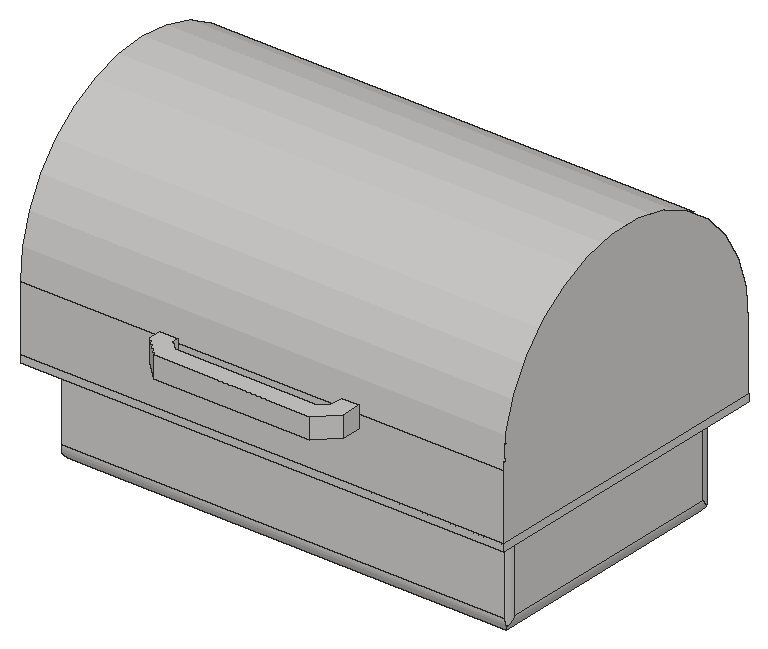
Revit family "QF_BOURGEAT_bain_marie_couvercle_roll_top", category Equipement spécialisé, Revit 2015
Parameters (values of type "modele_bivalent")
  URL Fabricant = "http://www.bourgeat.fr"
  URL = ""
  Type de Raccord Electrique = ""
  Tension = 230 V
  Spécification du Fabricant = "bain_marie_de_table"
  Remarques Electricité = ""
  Puissance électrique  = 700 W
  Profondeur hors tout = 335 mm
  Poids net à vide = 12.00 kg
  Phase = 2
  Modèle = "866201"
  Longueur hors tout = 630 mm
  Intensité nominale = 3.04 A
  Hauteur hors tout = 480 mm
  Fréquence = 50 Hz
  Fabricant = "BOURGEAT"
  Contact SAV = "0033(4).76.32.14.44"
Types (2, lengths in mm): name | Tension | Puissance électrique  | Poids net à vide | Phase | Modèle | Intensité nominale | Fréquence
  modele_a_alcool | 0 V | 0 W | 11.00 kg | 0 | "866001" | 0 A | 0 Hz
  modele_bivalent | 230 V | 700 W | 12.00 kg | 2 | "866201" | 3.04 A | 50 Hz
Reference planes
  plane 1 "Centre (avant/arrière)": y = 0
  plane 2: z = 0
  plane 3 "Centre (gauche/droite)": x = 0
  plane 4: z = 480
  plane 5: z = 292.198
Forms (mm)
  Extrusion 1, solid, material "Acier inoxydable, brossé"
    sketch origin (0, 0, 74.004) x (0, 1, 0) y (0, 0, 1)
      loop
        line (-173, 233) -> (-173, 158.996) -> (173, 158.996) -> (173, 233)
        arc (173, 233) -> (0, 406) -> (-173, 233) r 173
    from -273 to 273
  Extrusion 2, solid, material "Acier inoxydable, brossé"
    sketch origin (0, 0, 0) x (1, 0, 0) y (0, 1, 0)
      loop
        line (-109.886, -194.28) -> (-88.672, -215.493) -> (88.672, -215.493) -> (109.886, -194.28) -> (109.886, -173) -> (89.886, -173) -> (89.886, -185.995) -> (80.388, -195.493) -> (-80.388, -195.493) -> (-89.886, -185.995) -> (-89.886, -179.28) -> (-109.886, -179.28) -> (-109.886, -194.28)
    from 292.198 to 316.268
Dimensions and locks
  plane 4 to plane 2 = 480 mm
  Extrusion 2 to plane 5 = 24.07 mm
  aligned and locked: level to plane 2
  aligned and locked: Extrusion 1 to nested 1
  aligned and locked: Extrusion 2 to plane 5
Nested families
  nested 1: "cuve_b_m" at (0, 0, 116), type "cuve_b_m"
Definition of nested family "cuve_b_m"
  Reference planes
    plane 1 "Centre (avant/arrière)": y = 0
    plane 2: z = 0
    plane 3 "Centre (gauche/droite)": x = 0
    plane 4: x = 273
    plane 5: x = -273
    plane 6: y = 173
    plane 7: y = -173
    plane 8: z = 117
    plane 9: y = 172
    plane 10: x = 272
    plane 11: y = -172
    plane 12: x = -272
    plane 13: z = 110
    plane 14: x = -253.5
    plane 15: y = -143
    plane 16: y = 143
    plane 17: z = 109
  Forms (mm)
    Extrusion 1, solid
      sketch origin (0, 0, 0) x (1, 0, 0) y (0, 1, 0)
        loop
          line (-273, 173) -> (-273, -173) -> (273, -173) -> (273, 173) -> (-273, 173)
      from 0 to 117
    Extrusion 2, void
      sketch origin (0, 0, 0) x (1, 0, 0) y (0, 1, 0)
        loop
          line (-272, 172) -> (-272, -172) -> (272, -172) -> (272, 172) -> (-272, 172)
      from 110 to 135.867
    Extrusion 3, void
      sketch origin (0, 0, 0) x (1, 0, 0) y (0, 0, 1)
        loop
          line (-289.458, 109) -> (-289.458, -40) -> (289.458, -40) -> (289.458, 109) -> (257, 109)
          arc (257, 109) -> (254.525, 107.975) -> (253.5, 105.5) r 3.5
          line (253.5, 105.5) -> (253.5, 20)
          arc (253.5, 20) -> (247.642, 5.858) -> (233.5, 0) r 20
          line (233.5, 0) -> (-233.5, 0)
          arc (-233.5, 0) -> (-247.642, 5.858) -> (-253.5, 20) r 20
          line (-253.5, 20) -> (-253.5, 105.5)
          arc (-253.5, 105.5) -> (-254.525, 107.975) -> (-257, 109) r 3.5
          line (-257, 109) -> (-289.458, 109)
      from -309.494 to 250
    Extrusion 4, void
      sketch origin (0, 0, 0) x (0, 1, 0) y (0, 0, 1)
        loop
          line (-190.351, 109) -> (-190.351, -20) -> (190.351, -20) -> (190.351, 109) -> (146.5, 109)
          arc (146.5, 109) -> (144.025, 107.975) -> (143, 105.5) r 3.5
          line (143, 105.5) -> (143, 20)
          arc (143, 20) -> (137.142, 5.858) -> (123, 0) r 20
          line (123, 0) -> (-123, 0)
          arc (-123, 0) -> (-137.142, 5.858) -> (-143, 20) r 20
          line (-143, 20) -> (-143, 105.5)
          arc (-143, 105.5) -> (-144.025, 107.975) -> (-146.5, 109) r 3.5
          line (-146.5, 109) -> (-190.351, 109)
      from -358.259 to 332.42
    Extrusion 5, void
      sketch origin (0, 0, 0) x (1, 0, 0) y (0, 1, 0)
        loop
          arc (-253.5, 132.5) -> (-247.642, 146.642) -> (-233.5, 152.5) r 20
          line (-233.5, 152.5) -> (-226.13, 152.5) -> (-226.13, 182.5) -> (-261.13, 182.5) -> (-261.13, 125.635) -> (-253.5, 125.635) -> (-253.5, 132.5)
      from 0 to 109
    Extrusion 6, void
      sketch origin (0, 0, 0) x (1, 0, 0) y (0, 1, 0)
        loop
          line (-253.5, -132.5) -> (-253.5, -125.635) -> (-261.13, -125.635) -> (-261.13, -182.5) -> (-226.13, -182.5) -> (-226.13, -152.5) -> (-233.5, -152.5)
          arc (-233.5, -152.5) -> (-247.642, -146.642) -> (-253.5, -132.5) r 20
      from 0 to 109
    Extrusion 7, void
      sketch origin (0, 0, 0) x (-1, 0, 0) y (0, -1, 0)
        loop
          line (-253.5, -132.5) -> (-253.5, -125.635) -> (-261.13, -125.635) -> (-261.13, -182.5) -> (-226.13, -182.5) -> (-226.13, -152.5) -> (-233.5, -152.5)
          arc (-233.5, -152.5) -> (-247.642, -146.642) -> (-253.5, -132.5) r 20
      from 0 to 109
    Extrusion 8, void
      sketch origin (0, 0, 0) x (-1, 0, 0) y (0, -1, 0)
        loop
          arc (-253.5, 132.5) -> (-247.642, 146.642) -> (-233.5, 152.5) r 20
          line (-233.5, 152.5) -> (-226.13, 152.5) -> (-226.13, 182.5) -> (-261.13, 182.5) -> (-261.13, 125.635) -> (-253.5, 125.635) -> (-253.5, 132.5)
      from 0 to 109
    Extrusion 9, solid
      sketch origin (0, 0, 0) x (1, 0, 0) y (0, 1, 0)
        loop
          circle (173.194, -64.811) r 5
      from 0 to -2.936
  Cuts and joins
    Extrusion 2, Extrusion 3, Extrusion 4, Extrusion 5, Extrusion 6, Extrusion 7, Extrusion 8 cuts Extrusion 1
  Dimensions and locks
    plane 5 to plane 4 = 546 mm
    plane 5 to plane 14 = 19.5 mm
    plane 15 to plane 16 = 286 mm
    plane 15 to plane 1 "Centre (avant/arrière)" to plane 16 = 143 mm, 143 mm
    aligned and locked: level to plane 2
    aligned and locked: Extrusion 1 sketch curve to plane 6
    aligned and locked: Extrusion 1 sketch curve to plane 5
    aligned and locked: Extrusion 1 sketch curve to plane 7
    aligned and locked: Extrusion 1 sketch curve to plane 4
    aligned and locked: plane 8 to Extrusion 1
    aligned and locked: Extrusion 2 sketch curve to plane 9
    aligned and locked: Extrusion 2 sketch curve to plane 12
    aligned and locked: Extrusion 2 sketch curve to plane 11
    aligned and locked: Extrusion 2 sketch curve to plane 10
    aligned and locked: Extrusion 2 to plane 13
    aligned and locked: Extrusion 3 sketch curve to Extrusion 3 sketch curve
    aligned and locked: Extrusion 4 sketch curve to Extrusion 4 sketch curve
    aligned and locked: Extrusion 4 sketch curve to plane 16
